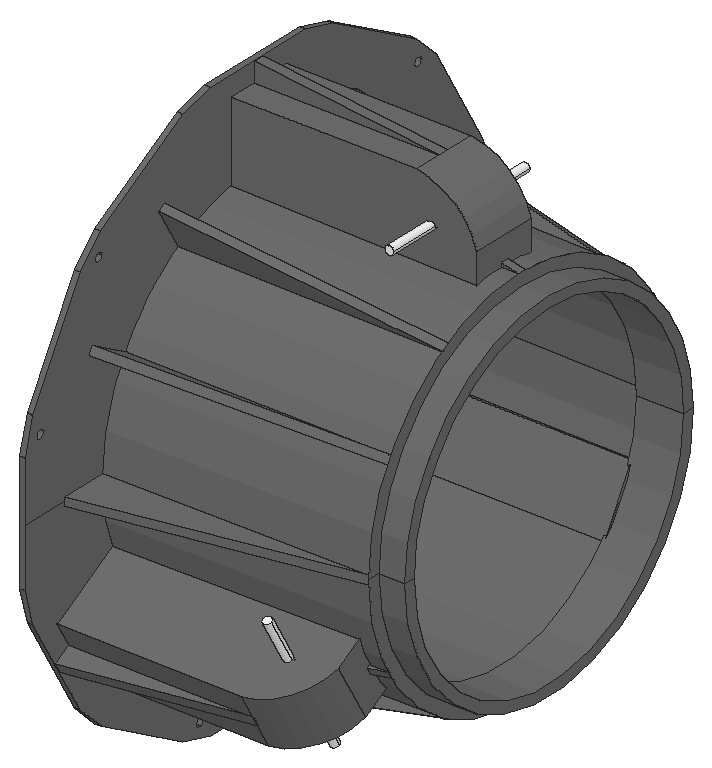
Revit family "L100FWS", category Pipe Accessories, Revit 2016
Family settings
  Part Type = Breaks Into
  Round Connector Dimension = Use Diameter
  Work Plane-Based = No
  Always vertical = No
  Cut with Voids When Loaded = No
  Shared = No
Parameters
  URL = "http://www.snapcollars.com"
  Model = "L100FWS"
  Manufacturer = "Snap Fire Systems"
  Description = "The L-100-FWS is a low-top, cast-in fire collar for concrete slabs 150mm or thicker."
Reference planes
  plane 1 "Center (Front/Back)": y = 0
  plane 2: z = 0
  plane 3 "Center (Left/Right)": x = -165
  plane 4: x = -230
  plane 5: x = -176.254
  plane 6: y = 90.593
  plane 7: y = -50
  plane 8: y = 100.593
  plane 9: y = -60
  plane 10: x = -195.933
  plane 11: x = -79.975
Forms (mm)
  Revolve 1, solid, material "PVC-Black", detail levels medium+fine
    sketch origin (0, 0, 0) x (1, 0, 0) y (0, 1, 0)
      loop
        line (-227.967, -69.144) -> (-134.479, -68.001) -> (-134.479, -63.623) -> (-125, -63.623) -> (-125, -59.868) -> (-141.666, -59.594) -> (-141.666, -63.997) -> (-230, -65.169) -> (-230, -105) -> (-227.967, -105) -> (-227.967, -69.144)
      axis (-230, 0) -> (-125, 0)
    angle from 0 to 360
  Extrusion 2, void
    sketch origin (-227.967, 0, 0) x (0, 1, 0) y (0, 0, -1)
      loop
        line (-27.564, -102.871) -> (27.564, -102.871) -> (75.307, -75.307) -> (102.871, -27.564) -> (102.871, 27.564) -> (75.307, 75.307) -> (27.564, 102.871) -> (-27.564, 102.871) -> (-75.307, 75.307) -> (-102.871, 27.564) -> (-102.871, -27.564) -> (-75.307, -75.307) -> (-27.564, -102.871)
      loop
        circle (0, 0) r 118.785
    from 0 to 2.033
  Extrusion 3, void
    sketch origin (-227.967, 0, 0) x (0, 1, 0) y (0, 0, -1)
      loop
        circle (-70.697, -70.697) r 1.577
      loop
        circle (-96.574, -25.877) r 1.577
      loop
        circle (96.571, -25.888) r 1.577
      loop
        circle (70.689, -70.705) r 1.577
      loop
        circle (-25.877, 96.574) r 1.577
      loop
        circle (25.877, 96.574) r 1.577
    from 0 to 2.033
  Extrusion 4, solid, material "PVC-Black", detail levels fine
    sketch origin (0, 0, 0) x (1, 0, 0) y (0, 0, 1)
      loop
        line (-134.479, 68.001) -> (-227.967, 86.048) -> (-227.967, 69.12) -> (-134.479, 68.001)
    from -1.5 to 1.5
  Extrusion 5, solid, material "PVC-Black", detail levels medium+fine
    sketch origin (0, 0, 0) x (1, 0, 0) y (0, 0, 1)
      loop
        line (-227.967, 58.439) -> (-140.967, 58.439) -> (-140.967, 77.244)
        arc (-140.967, 77.244) -> (-148.679, 90.01) -> (-162.316, 96.048) r 24.811
        line (-162.316, 96.048) -> (-227.967, 96.048) -> (-227.967, 58.439)
    from -12 to 12
  Extrusion 6, solid, material "PVC-Black", detail levels medium+fine
    sketch origin (0, 0, 0) x (1, 0, 0) y (0, -0.866025, -0.5)
      loop
        line (-227.967, 58.439) -> (-140.967, 58.439) -> (-140.967, 77.244)
        arc (-140.967, 77.244) -> (-148.679, 90.01) -> (-162.316, 96.048) r 24.811
        line (-162.316, 96.048) -> (-227.967, 96.048) -> (-227.967, 58.439)
    from -12 to 12
  Extrusion 7, solid, material "PVC-Black", detail levels medium+fine
    sketch origin (0, 0, 0) x (1, 0, 0) y (0, 0.866025, -0.5)
      loop
        line (-227.967, 58.439) -> (-140.967, 58.439) -> (-140.967, 77.244)
        arc (-140.967, 77.244) -> (-148.679, 90.01) -> (-162.316, 96.048) r 24.811
        line (-162.316, 96.048) -> (-227.967, 96.048) -> (-227.967, 58.439)
    from -12 to 12
  Extrusion 8, solid, material "PVC-Black", detail levels fine
    sketch origin (0, 0, 0) x (1, 0, 0) y (0, 0, 1)
      loop
        line (-227.967, 102.871) -> (-227.967, 96.048) -> (-162.316, 96.048) -> (-227.967, 102.871)
    from -2 to 2
  Extrusion 9, solid, material "PVC-Black", detail levels fine
    sketch origin (0, 0, 0) x (1, 0, 0) y (0, 0.866025, -0.5)
      loop
        line (-227.967, 102.871) -> (-227.967, 96.048) -> (-162.316, 96.048) -> (-227.967, 102.871)
    from -2 to 2
  Extrusion 10, solid, material "PVC-Black", detail levels fine
    sketch origin (0, 0, 0) x (1, 0, 0) y (0, -0.866025, -0.5)
      loop
        line (-227.967, 102.871) -> (-227.967, 96.048) -> (-162.316, 96.048) -> (-227.967, 102.871)
    from -2 to 2
  Extrusion 11, solid, material "PVC-White", not visible, detail levels fine
    sketch origin (0, 0, 0) x (1, 0, 0) y (0, 0, 1)
      loop
        line (-80, 60.418) -> (-227.967, 86.048) -> (-227.967, 69.12) -> (-80, 60.418)
    from -1.5 to 1.5
  Extrusion 12, solid, material "PVC-White", not visible, detail levels fine
    sketch origin (0, 0, 0) x (1, 0, 0) y (0, -0.5, 0.866025)
      loop
        line (-80, 60.418) -> (-227.967, 86.048) -> (-227.967, 69.12) -> (-80, 60.418)
    from -1.5 to 1.5
  Extrusion 13, solid, material "PVC-White", not visible, detail levels fine
    sketch origin (0, 0, 0) x (1, 0, 0) y (0, -0.866025, 0.5)
      loop
        line (-80, 60.418) -> (-227.967, 86.048) -> (-227.967, 69.12) -> (-80, 60.418)
    from -1.5 to 1.5
  Extrusion 14, solid, material "PVC-White", not visible, detail levels fine
    sketch origin (0, 0, 0) x (0, -1, 0) y (-1, 0, 0)
      loop
        line (60.418, 80) -> (86.048, 227.967) -> (69.12, 227.967) -> (60.418, 80)
    from -1.5 to 1.5
  Extrusion 15, solid, material "PVC-White", not visible, detail levels fine
    sketch origin (0, 0, 0) x (1, 0, 0) y (0, -0.866025, -0.5)
      loop
        line (-80, 60.418) -> (-227.967, 86.048) -> (-227.967, 69.12) -> (-80, 60.418)
    from -1.5 to 1.5
  Extrusion 16, solid, material "PVC-White", not visible, detail levels fine
    sketch origin (0, 0, 0) x (1, 0, 0) y (0, -0.5, -0.866025)
      loop
        line (-80, 60.418) -> (-227.967, 86.048) -> (-227.967, 69.12) -> (-80, 60.418)
    from -1.5 to 1.5
  Extrusion 17, solid, material "PVC-White", not visible, detail levels fine
    sketch origin (0, 0, 0) x (1, 0, 0) y (0, 0, -1)
      loop
        line (-80, 60.418) -> (-227.967, 86.048) -> (-227.967, 69.12) -> (-80, 60.418)
    from -1.5 to 1.5
  Extrusion 18, solid, material "PVC-White", not visible, detail levels fine
    sketch origin (0, 0, 0) x (1, 0, 0) y (0, 0.5, -0.866025)
      loop
        line (-80, 60.418) -> (-227.967, 86.048) -> (-227.967, 69.12) -> (-80, 60.418)
    from -1.5 to 1.5
  Extrusion 19, solid, material "PVC-White", not visible, detail levels fine
    sketch origin (0, 0, 0) x (1, 0, 0) y (0, 0.866025, -0.5)
      loop
        line (-80, 60.418) -> (-227.967, 86.048) -> (-227.967, 69.12) -> (-80, 60.418)
    from -1.5 to 1.5
  Extrusion 20, solid, material "PVC-White", not visible, detail levels fine
    sketch origin (0, 0, 0) x (1, 0, 0) y (0, 1, 0)
      loop
        line (-80, 60.418) -> (-227.967, 86.048) -> (-227.967, 69.12) -> (-80, 60.418)
    from -1.5 to 1.5
  Extrusion 21, solid, material "PVC-White", not visible, detail levels fine
    sketch origin (0, 0, 0) x (1, 0, 0) y (0, 0.866025, 0.5)
      loop
        line (-80, 60.418) -> (-227.967, 86.048) -> (-227.967, 69.12) -> (-80, 60.418)
    from -1.5 to 1.5
  Extrusion 22, solid, material "PVC-White", not visible, detail levels fine
    sketch origin (0, 0, 0) x (1, 0, 0) y (0, 0.5, 0.866025)
      loop
        line (-80, 60.418) -> (-227.967, 86.048) -> (-227.967, 69.12) -> (-80, 60.418)
    from -1.5 to 1.5
  Extrusion 23, solid, material "PVC-White", detail levels fine
    sketch origin (0, 0, 0) x (1, 0, 0) y (0, 0, 1)
      loop
        circle (-157.362, 79.878) r 1.5
    from -30 to 30
  Extrusion 24, solid, material "PVC-White", detail levels fine
    sketch origin (0, 0, 0) x (1, 0, 0) y (0, 0.866025, -0.5)
      loop
        circle (-157.362, 79.878) r 1.5
    from -30 to 30
  Extrusion 25, solid, material "PVC-White", detail levels fine
    sketch origin (0, 0, 0) x (1, 0, 0) y (0, -0.866025, -0.5)
      loop
        circle (-157.362, 79.878) r 1.5
    from -30 to 30
  Extrusion 26, solid, material "PVC-Black", detail levels fine
    sketch origin (0, 0, 0) x (1, 0, 0) y (0, 0.5, 0.866025)
      loop
        line (-134.479, 68.001) -> (-227.967, 86.048) -> (-227.967, 69.12) -> (-134.479, 68.001)
    from -1.5 to 1.5
  Extrusion 27, solid, material "PVC-Black", detail levels fine
    sketch origin (0, 0, 0) x (1, 0, 0) y (0, 0.866025, 0.5)
      loop
        line (-134.479, 68.001) -> (-227.967, 86.048) -> (-227.967, 69.12) -> (-134.479, 68.001)
    from -1.5 to 1.5
  Extrusion 28, solid, material "PVC-Black", detail levels fine
    sketch origin (0, 0, 0) x (1, 0, 0) y (0, 1, 0)
      loop
        line (-134.479, 68.001) -> (-227.967, 86.048) -> (-227.967, 69.12) -> (-134.479, 68.001)
    from -1.5 to 1.5
  Extrusion 29, solid, material "PVC-Black", detail levels fine
    sketch origin (0, 0, 0) x (1, 0, 0) y (0, 0.866025, -0.5)
      loop
        line (-134.479, 68.001) -> (-227.967, 86.048) -> (-227.967, 69.12) -> (-134.479, 68.001)
    from -1.5 to 1.5
  Extrusion 30, solid, material "PVC-Black", detail levels fine
    sketch origin (0, 0, 0) x (1, 0, 0) y (0, 0.5, -0.866025)
      loop
        line (-134.479, 68.001) -> (-227.967, 86.048) -> (-227.967, 69.12) -> (-134.479, 68.001)
    from -1.5 to 1.5
  Extrusion 31, solid, material "PVC-Black", detail levels fine
    sketch origin (0, 0, 0) x (1, 0, 0) y (0, 0, -1)
      loop
        line (-134.479, 68.001) -> (-227.967, 86.048) -> (-227.967, 69.12) -> (-134.479, 68.001)
    from -1.5 to 1.5
  Extrusion 32, solid, material "PVC-Black", detail levels fine
    sketch origin (0, 0, 0) x (1, 0, 0) y (0, -0.5, -0.866025)
      loop
        line (-134.479, 68.001) -> (-227.967, 86.048) -> (-227.967, 69.12) -> (-134.479, 68.001)
    from -1.5 to 1.5
  Extrusion 33, solid, material "PVC-Black", detail levels fine
    sketch origin (0, 0, 0) x (1, 0, 0) y (0, -0.866025, -0.5)
      loop
        line (-134.479, 68.001) -> (-227.967, 86.048) -> (-227.967, 69.12) -> (-134.479, 68.001)
    from -1.5 to 1.5
  Extrusion 34, solid, material "PVC-Black", detail levels fine
    sketch origin (0, 0, 0) x (0, -1, 0) y (-1, 0, 0)
      loop
        line (68.001, 134.479) -> (86.048, 227.967) -> (69.12, 227.967) -> (68.001, 134.479)
    from -1.5 to 1.5
  Extrusion 35, solid, material "PVC-Black", detail levels fine
    sketch origin (0, 0, 0) x (1, 0, 0) y (0, -0.866025, 0.5)
      loop
        line (-134.479, 68.001) -> (-227.967, 86.048) -> (-227.967, 69.12) -> (-134.479, 68.001)
    from -1.5 to 1.5
  Extrusion 36, solid, material "PVC-Black", detail levels fine
    sketch origin (0, 0, 0) x (1, 0, 0) y (0, -0.5, 0.866025)
      loop
        line (-134.479, 68.001) -> (-227.967, 86.048) -> (-227.967, 69.12) -> (-134.479, 68.001)
    from -1.5 to 1.5
Cuts and joins
  joined: Extrusion 5, Extrusion 6, Extrusion 7
  Extrusion 2, Extrusion 3 cuts Revolve 1
Dimensions and locks
  Extrusion 11 sketch curve to Extrusion 11 sketch curve = 0 mm
  Extrusion 12 sketch curve to Extrusion 12 sketch curve = 0 mm
  Extrusion 13 sketch curve to Extrusion 13 sketch curve = 0 mm
  Extrusion 14 sketch curve to Extrusion 14 sketch curve = 0 mm
  Extrusion 15 sketch curve to Extrusion 15 sketch curve = 0 mm
  Extrusion 16 sketch curve to Extrusion 16 sketch curve = 0 mm
  Extrusion 17 sketch curve to Extrusion 17 sketch curve = 0 mm
  Extrusion 18 sketch curve to Extrusion 18 sketch curve = 0 mm
  Extrusion 19 sketch curve to Extrusion 19 sketch curve = 0 mm
  Extrusion 20 sketch curve to Extrusion 20 sketch curve = 0 mm
  Extrusion 21 sketch curve to Extrusion 21 sketch curve = 0 mm
  Extrusion 22 sketch curve to Extrusion 22 sketch curve = 0 mm
  aligned and locked: level to plane 2
  aligned and locked: plane 1 "Center (Front/Back)" to Revolve 1 sketch curve
Connectors
  piping at (-195.933, 0, 0), diameter 100
    settings: on plane 10, index 4, connector inside diameter 609.6 mm, connector length 0 mm, flow factor 0, pipe flow 0.0 L/s, pressure drop 0.0 Pa, fitting loss kfactor 0, connector angle 0.00°, fixture units 0, engagement length 0 mm, angle of deflection 0.00°, flow configuration 0, flow direction 0, fitting loss method 0, system type 7, joint type 0, gender type 0, connector reference index -1, connector utility 0, adjustable connector no, is connector primary yes, connector description ""
  piping at (-176.254, 0, 0), diameter 100
    settings: on plane 5, index 5, connector inside diameter 609.6 mm, connector length 0 mm, flow factor 0, pipe flow 0.0 L/s, pressure drop 0.0 Pa, fitting loss kfactor 0, connector angle 0.00°, fixture units 0, engagement length 0 mm, angle of deflection 0.00°, flow configuration 0, flow direction 0, fitting loss method 0, system type 7, joint type 0, gender type 0, connector reference index -1, connector utility 0, adjustable connector no, is connector primary no, connector description ""
